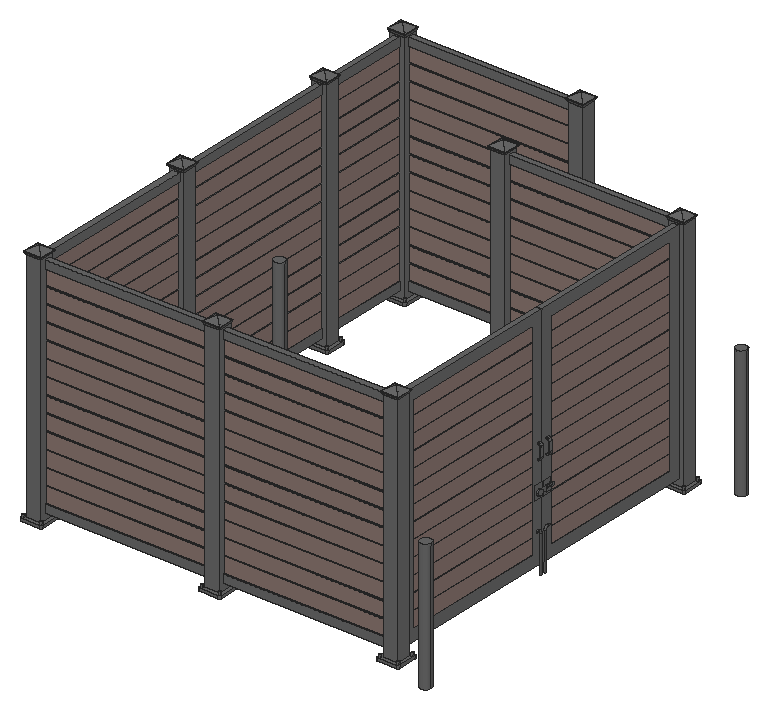
Revit family "Enclosure_System-CityScapes-Covrit-1111_W", category Specialty Equipment, Revit 2021
Family settings
  Round Connector Dimension = Use Diameter
  Part Type = Normal
  Work Plane-Based = No
  Always vertical = Yes
  Cut with Voids When Loaded = No
  Shared = No
  Room Calculation Point = No
Parameters (values of type "7' Height")
  Width = 11' - 0"  # constant formula
  URL = "https://cityscapesinc.com/"
  Square Posts Material [instance] = Aluminum - CityScapes - Electric Black
  Specification = "https://www.arcat.com/company/cityscapes-international-inc-40042/spec"
  Round Posts Material [instance] = Aluminum - CityScapes - Electric Black
  Product Page URL = "https://www.arcat.com/arcatcos/cos40/arc40042.html"
  Post Height = Square_Post-Covrit-CityScapes : Square Post 7'
  Panel Material [instance] = PVC Board - CityScapes - Plankwall - Sequoia
  Model = "Covrit 1111 W"
  Manufacturer = "CityScapes"  # constant formula
  Length = 13' - 9"  # constant formula
  Keynote = "32 35 00 "
  Height = 7' - 0"
  Frame Material [instance] = Aluminum - CityScapes - Electric Black
  Description = "Dumpster Enclosures, Single Walk-In"
  Default Elevation = 0' - 0"
  Copyright = "© 2023 ARCAT"  # constant formula
  CAD Details = "https://www.arcat.com/company/cityscapes-international-inc-40042/cad"
Types (3): name | Post Height | Height
  6' Height | Square_Post-Covrit-CityScapes : Square Post 6' | 6' - 0"
  7' Height | Square_Post-Covrit-CityScapes : Square Post 7' | 7' - 0"
  8' Height | Square_Post-Covrit-CityScapes : Square Post 8' | 8' - 0"
Reference planes (in)
  plane 1 "Center (Front/Back)": y = 0
  plane 2: z = 0
  plane 3 "Center (Left/Right)": x = 0
  plane 4: x = 66
  plane 5: x = -66
  plane 6: y = -82.5
  plane 7: z = 87.5
  plane 8: z = 3.5
Forms (in)
  Extrusion 1, solid, material "Aluminum - CityScapes - Electric Black" <- "Round Posts Material"
    sketch origin (0, 0, 0) x (1, 0, 0) y (0, 1, 0)
      loop
        circle (82.5, -89.5) r 2
      loop
        circle (82.5, 56.33859) r 2
      loop
        circle (-53.99898, -46.5) r 2
      loop
        circle (-54, 13.46509) r 2
    from 0 to 48
  Sweep 2, solid, material "Aluminum - CityScapes - Electric Black"
    path origin (-8.47973, -16.53543, 0) x (0, 1, 0) y (0, 0, 1)
      loop
        line (-1, 0) -> (-1, 14)
        arc (-1, 14) -> (-1.29289, 14.70711) -> (-2, 15) r 1
        line (-2, 15) -> (-2.75, 15)
    profile origin (-8.47973, -17.53543, 7) x (0, -1, 0) y (1, 0, 0)
      loop
        circle (0, 75.75) r 0.30152
  Sweep 3, solid, material "Aluminum - CityScapes - Electric Black"
    path origin (-8.5, 0, 0) x (1, 0, 0) y (0, 0, 1)
      loop
        line (75.46875, 38.76865) -> (75.96875, 38.76865)
        arc (75.96875, 38.76865) -> (76.67586, 39.06154) -> (76.96875, 39.76865) r 1
        line (76.96875, 39.76865) -> (76.96875, 43.26865)
        arc (76.96875, 43.26865) -> (76.67586, 43.97576) -> (75.96875, 44.26865) r 1
        line (75.96875, 44.26865) -> (75.46875, 44.26865)
    profile origin (68.46875, 0, 41.51865) x (-1, 0, 0) y (0, -1, 0)
      loop
        line (-0.125, 14) -> (0.125, 14) -> (0.125, 15) -> (-0.125, 15) -> (-0.125, 14)
      loop
        line (-0.125, 19) -> (-0.125, 18) -> (0.125, 18) -> (0.125, 19) -> (-0.125, 19)
  Sweep 4, solid, material "Aluminum - CityScapes - Electric Black"
    path origin (-8.47973, -16.46457, 0) x (0, -1, 0) y (0, 0, -1)
      loop
        line (-1, 0) -> (-1, -14)
        arc (-1, -14) -> (-1.29289, -14.70711) -> (-2, -15) r 1
        line (-2, -15) -> (-2.75, -15)
    profile origin (-8.47973, -15.46457, 7) x (0, -1, 0) y (1, 0, 0)
      loop
        circle (0, 75.75) r 0.30152
Lines and regions (in)
  symbolic lines
    curve 1: line (66, 46.86985, 0) -> (129.29743, 46.86985, 0)
    curve 2: arc (65.92469, -16.50289, 0) -> (110.73598, 2.05856, 0) -> (129.29743, 46.86985, 0) r 63.37274
    curve 3: line (66, -79.99483, 0) -> (130.26771, -79.99483, 0)
    curve 4: arc (66.77288, -16.5, 0) -> (111.6705, -35.0972, 0) -> (130.26771, -79.99483, 0) r 63.49483
Dimensions and locks (in)
  "Height": plane 7 to plane 8
  plane 7 to plane 2 = 7' - 3 1/2"
  nested 9 to level = 0' - 3 1/2"
  nested 8 to nested 8 = 0' - 3 1/8"
  locked: plane 8 to plane 2 at 3.5
  nested 4 to nested 5 to nested 2 = 5' - 6", 5' - 6"
  nested 4 to nested 2 = 11' - 0"
  nested 4 to nested 6 to nested 14 to nested 1 = 5' - 6", 5' - 6", 3' - 0"
  nested 4 to nested 1 = 14' - 0"
  nested 2 to nested 13 to nested 16 = 5' - 3.49483", 5' - 3.36985"
  nested 15 to nested 7 = 3' - 0"
  nested 1 to nested 7 to nested 16 = 5' - 6", 5' - 6"
  nested 1 to nested 16 = 11' - 0"
  aligned and locked: plane 2 to level
  aligned and locked: nested 2 to plane 6
  aligned and locked: nested 2 to plane 4
  aligned and locked: plane 5 to nested 1
  aligned and locked: nested 4 to plane 6
  aligned and locked: nested 5 to plane 3 "Center (Left/Right)"
  aligned and locked: nested 5 to plane 6
  aligned and locked: Extrusion 1 to plane 2
  aligned and locked: nested 2 to plane 2
  aligned and locked: plane 2 to nested 2
  aligned and locked: nested 5 to plane 2
  aligned and locked: nested 7 to plane 2
  aligned and locked: plane 2 to nested 5
  aligned and locked: nested 8 to plane 6
  aligned and locked: nested 9 to plane 6
  aligned and locked: plane 4 to nested 12
  aligned and locked: nested 13 to plane 4
  aligned and locked: curve 3 to nested 2
  aligned and locked: nested 16 to curve 1
Automatic sketch dimensions
  plane 5 to Extrusion 1 sketch curve = 1' - 0"
  plane 5 to Extrusion 1 sketch curve = 1' - 0.00102"
  Extrusion 1 sketch curve to plane 6 = 0' - 7"
  plane 4 to Extrusion 1 sketch curve = 1' - 4 1/2"  (x2)
  Extrusion 1 sketch curve to plane 1 "Center (Front/Back)" = 1' - 1.46509"
  Extrusion 1 sketch curve to Extrusion 1 sketch curve = 0' - 2"  (x4)
  Sweep 2 sketch curve to level = 0' - 0"
  plane 1 "Center (Front/Back)" to Sweep 2 sketch curve = 1' - 6.53543"
  Sweep 2 sketch curve to Sweep 2 sketch curve = 0' - 1"
  level to Sweep 2 sketch curve = 1' - 2"
  Sweep 2 sketch curve to Sweep 2 sketch curve = 0' - 0 3/4"
  Sweep 2 sketch curve to profile plane = 0' - 0"
  profile plane to Sweep 2 sketch curve = 6' - 3 3/4"
  Sweep 4 sketch curve to level = 0' - 0"
  plane 1 "Center (Front/Back)" to Sweep 4 sketch curve = 1' - 2.46457"
  Sweep 4 sketch curve to Sweep 4 sketch curve = 0' - 1"
  level to Sweep 4 sketch curve = 1' - 2"
  Sweep 4 sketch curve to Sweep 4 sketch curve = 0' - 0 3/4"
  Sweep 4 sketch curve to profile plane = 0' - 0"
  profile plane to Sweep 4 sketch curve = 6' - 3 3/4"
  Sweep 3 sketch curve to Sweep 3 sketch curve = 0' - 1"  (x4)
  level to Sweep 3 sketch curve = 3' - 2.76865"
  Sweep 3 sketch curve to Sweep 3 sketch curve = 0' - 3 1/2"
  Sweep 3 sketch curve to Sweep 3 sketch curve = 0' - 0 1/2"  (x2)
  profile plane to Sweep 3 sketch curve = 0' - 0 1/8"  (x2)
  Sweep 3 sketch curve to profile plane = 0' - 0 1/8"  (x2)
  plane 1 "Center (Front/Back)" to Sweep 3 sketch curve = 1' - 2"
  plane 1 "Center (Front/Back)" to Sweep 3 sketch curve = 1' - 6"
  plane 6 to Extrusion 1 sketch curve = 3' - 0"
  plane 4 to Sweep 3 sketch curve = 0' - 1 15/32"
  curve 3 to plane 4 = 0' - 0"
  curve 1 to plane 4 = 0' - 0"
  curve 2 to plane 4 = 0' - 0.07531"
  curve 3 to curve 4 = 0' - 0.77288"
  curve 1 to curve 1 = 5' - 3.29743"
  curve 4 to curve 3 = 5' - 3.49483"
  Extrusion 1 sketch curve to Extrusion 1 sketch curve = 0' - 0"
  Extrusion 1 sketch curve to plane 1 "Center (Front/Back)" = 4' - 8.33859"
  radius of Sweep 2 sketch curve = 0' - 0.30152"
  radius of Sweep 4 sketch curve = 0' - 0.30152"
Nested families (in)
  nested 1: "Square_Post-Covrit-CityScapes" at (-66, 85.5, 0), type <- "Post Height", type "Square Post 7'"
  nested 2: "Square_Post-Covrit-CityScapes" at (66, -82.5, 0), type <- "Post Height", type "Square Post 7'"
  nested 3: "Panel-Covrit-CityScapes" at (-32.99929, 84.46875, 3.5) x (0, 1, 0) z (0, 0, 1), FRAME MATERIAL <- "Frame Material", MATERIAL <- "Panel Material", type "Panel"
    with Panel_Length 5' - 0 189/256", MATERIAL PVC Board - CityScapes - Plankwall - Sequoia, FRAME MATERIAL Aluminum - CityScapes - Electric Black, Planks Qunatity Aux 13, Planks Quantity 14, Panel_Height 7' - 0", Gap Between Planks 0' - 6 1/2"
  nested 4: "Square_Post-Covrit-CityScapes" at (-66, -82.5, 0), type <- "Post Height", type "Square Post 7'"
  nested 5: "Square_Post-Covrit-CityScapes" at (0, -82.5, 0), type <- "Post Height", type "Square Post 7'"
  nested 6: "Square_Post-Covrit-CityScapes" at (-66, -16.5, 0), type <- "Post Height", type "Square Post 7'"
  nested 7: "Square_Post-Covrit-CityScapes" at (0, 85.5, 0), type <- "Post Height", type "Square Post 7'"
  nested 8: "Panel-Covrit-CityScapes" at (-33, -81.46875, 3.5) x (0, -1, 0) z (0, 0, 1), FRAME MATERIAL <- "Frame Material", MATERIAL <- "Panel Material", type "Panel"
    with Panel_Length 5' - 0.73687", MATERIAL PVC Board - CityScapes - Plankwall - Sequoia, FRAME MATERIAL Aluminum - CityScapes - Electric Black, Planks Qunatity Aux 13, Planks Quantity 14, Panel_Height 7' - 0", Gap Between Planks 0' - 6 1/2"
  nested 9: "Panel-Covrit-CityScapes" at (33, -81.46875, 3.5) x (0, -1, 0) z (0, 0, 1), FRAME MATERIAL <- "Frame Material", MATERIAL <- "Panel Material", type "Panel"
    with Panel_Length 5' - 0.73687", MATERIAL PVC Board - CityScapes - Plankwall - Sequoia, FRAME MATERIAL Aluminum - CityScapes - Electric Black, Planks Qunatity Aux 13, Planks Quantity 14, Panel_Height 7' - 0", Gap Between Planks 0' - 6 1/2"
  nested 10: "Panel-Covrit-CityScapes" at (-64.96875, -49.56249, 3.5) x (-1, 0, 0) z (0, 0, 1), FRAME MATERIAL <- "Frame Material", MATERIAL <- "Panel Material", type "Panel"
    with Panel_Length 5' - 0.86468", MATERIAL PVC Board - CityScapes - Plankwall - Sequoia, FRAME MATERIAL Aluminum - CityScapes - Electric Black, Planks Qunatity Aux 13, Planks Quantity 14, Panel_Height 7' - 0", Gap Between Planks 0' - 6 1/2"
  nested 11: "Panel-Covrit-CityScapes" at (-64.96875, 16.43751, 3.5) x (-1, 0, 0) z (0, 0, 1), FRAME MATERIAL <- "Frame Material", MATERIAL <- "Panel Material", type "Panel"
    with Panel_Length 5' - 0.86468", MATERIAL PVC Board - CityScapes - Plankwall - Sequoia, FRAME MATERIAL Aluminum - CityScapes - Electric Black, Planks Qunatity Aux 13, Planks Quantity 14, Panel_Height 7' - 0", Gap Between Planks 0' - 6 1/2"
  nested 12: "Gate-Panel-CityScapes" at (64.96875, 15.18635, 3.5), FRAME MATERIAL <- "Frame Material", MATERIAL <- "Panel Material", type "Gate Panel"
    with Planks Length 4' - 7.37269", Panel_Length 5' - 3.37269", MATERIAL PVC Board - CityScapes - Plankwall - Sequoia, FRAME MATERIAL Aluminum - CityScapes - Electric Black
  nested 13: "Gate-Panel-CityScapes" at (64.96875, -48.25, 3.5), FRAME MATERIAL <- "Frame Material", MATERIAL <- "Panel Material", type "Gate Panel"
    with Planks Length 4' - 7 1/2", Panel_Length 5' - 3 1/2", MATERIAL PVC Board - CityScapes - Plankwall - Sequoia, FRAME MATERIAL Aluminum - CityScapes - Electric Black
  nested 14: "Square_Post-Covrit-CityScapes" at (-66, 49.5, 0), type <- "Post Height", type "Square Post 7'"
  nested 15: "Square_Post-Covrit-CityScapes" at (0, 49.5, 0), type <- "Post Height", type "Square Post 7'"
  nested 16: "Square_Post-Covrit-CityScapes" at (66, 49.5, 0), type <- "Post Height", type "Square Post 7'"
  nested 17: "Panel-Covrit-CityScapes" at (32.99929, 48.46875, 3.5) x (0, 1, 0) z (0, 0, 1), FRAME MATERIAL <- "Frame Material", MATERIAL <- "Panel Material", type "Panel"
    with Panel_Length 5' - 0 189/256", MATERIAL PVC Board - CityScapes - Plankwall - Sequoia, FRAME MATERIAL Aluminum - CityScapes - Electric Black, Planks Qunatity Aux 13, Planks Quantity 14, Panel_Height 7' - 0", Gap Between Planks 0' - 6 1/2"
  nested 18: "Panel-Covrit-CityScapes" at (-64.96875, 67.43893, 3.5) x (-1, 0, 0) z (0, 0, 1), FRAME MATERIAL <- "Frame Material", MATERIAL <- "Panel Material", type "Panel"
    with Panel_Length 2' - 6.86752", MATERIAL PVC Board - CityScapes - Plankwall - Sequoia, FRAME MATERIAL Aluminum - CityScapes - Electric Black, Planks Qunatity Aux 13, Planks Quantity 14, Panel_Height 7' - 0", Gap Between Planks 0' - 6 1/2"
  nested 19: "Gate-CityScapes-Modern_Latch" at (66, -16.5, 27.875) x (0, 1, 0) z (0, 0, 1), type "Latch"
Definition of nested family "Square_Post-Covrit-CityScapes"
  Parameters (values of type "Square Post 7'")
    TPost_Height = 7' - 4"
    Post_DIM = 0' - 8.2682"
    Post Material = none
    Default Elevation = 0' - 0"
  Types (3): name | TPost_Height | Post_DIM
    Square Post 6' | 6' - 4" | 0' - 8.26536"
    Square Post 7' | 7' - 4" | 0' - 8.2682"
    Square Post 8' | 8' - 4" | 0' - 8.2682"
  Reference planes (in)
    plane 1 "Center (Front/Back)": y = 0
    plane 2: z = 0
    plane 3 "Center (Left/Right)": x = 0
    plane 4: x = 4.1341
    plane 5: y = 4.1341
    plane 6: y = -4.1341
    plane 7: x = -4.1341
    plane 8: z = 88
  Forms (in)
    Extrusion 1, solid, material <- "Post Material"
      sketch origin (0, 0, 0) x (1, 0, 0) y (0, 1, 0)
        loop
          line (2.63157, 2.50517) -> (-2.63157, 2.50517) -> (-2.63157, -2.63015) -> (2.63157, -2.63015) -> (2.63157, 2.50517)
      from 0 to 88
    Sweep 2, solid, material <- "Post Material"
      path in 3D
        loop
          line (-2.63157, 2.50517, 88) -> (-2.63157, -2.63015, 88) -> (2.63157, -2.63015, 88) -> (2.63157, 2.50517, 88) -> (-2.63157, 2.50517, 88)
      profile origin (0, 2.50517, 88) x (0, -1, 0) y (0, 0, 1)
        loop
          line (0, 0) -> (0, 0.0625) -> (-0.5, 0.92853) -> (-0.5, 1.1985) -> (2.50517, 2.93353) -> (2.50517, 2.96962) -> (-0.53125, 1.21654) -> (-0.53125, 0.92015) -> (0, 0)
    Extrusion 3, solid, material <- "Post Material"
      sketch origin (0, 0, 0) x (1, 0, 0) y (0, 1, 0)
        loop
          line (4.1341, -3.43396) -> (4.1341, 3.43396)
          arc (4.1341, 3.43396) -> (3.92903, 3.92903) -> (3.43396, 4.1341) r 0.70014
          line (3.43396, 4.1341) -> (-3.43396, 4.1341)
          arc (-3.43396, 4.1341) -> (-3.92903, 3.92903) -> (-4.1341, 3.43396) r 0.70014
          line (-4.1341, 3.43396) -> (-4.1341, -3.43396)
          arc (-4.1341, -3.43396) -> (-3.92903, -3.92903) -> (-3.43396, -4.1341) r 0.70014
          line (-3.43396, -4.1341) -> (3.43396, -4.1341)
          arc (3.43396, -4.1341) -> (3.92903, -3.92903) -> (4.1341, -3.43396) r 0.70014
      from 0 to 1
    Extrusion 4, solid, material <- "Post Material"
      sketch origin (0, 0, 0) x (1, 0, 0) y (0, 1, 0)
        loop
          circle (-3.38236, 3.27648) r 0.32836
        loop
          circle (3.29243, 3.27648) r 0.32836
        loop
          circle (3.29243, -3.27648) r 0.32836
        loop
          circle (-3.38236, -3.27648) r 0.32836
      from 0 to 2
  Cuts and joins
    joined: Extrusion 1, Sweep 2, Extrusion 3, Extrusion 4
  Lines and regions (in)
    sketch lines
      curve 1: line (2.63157, 2.50517, 88) -> (-2.63157, 2.50517, 88)
      curve 2: line (2.63157, -2.63015, 88) -> (2.63157, 2.50517, 88)
      curve 3: line (-2.63157, -2.63015, 88) -> (2.63157, -2.63015, 88)
      curve 4: line (-2.63157, 2.50517, 88) -> (-2.63157, -2.63015, 88)
  Dimensions and locks (in)
    "Post_DIM": plane 5 to plane 6
    "Post_DIM": plane 7 to plane 4
    "TPost_Height": plane 8 to plane 2
    equal spacing: cut or joined group of Extrusion 1, Sweep 2, Extrusion 3, Extrusion 4, plane 3 "Center (Left/Right)", cut or joined group of Extrusion 1, Sweep 2, Extrusion 3, Extrusion 4
    equal spacing: plane 7, plane 3 "Center (Left/Right)", plane 4
    aligned and locked: plane 2 to level
    aligned and locked: plane 8 to Extrusion 1
    aligned and locked: Extrusion 1 to plane 2
    aligned and locked: Sweep 2 sketch curve to profile plane
    aligned and locked: cut or joined group of Extrusion 1, Sweep 2, Extrusion 3, Extrusion 4 to plane 7
    aligned and locked: plane 4 to cut or joined group of Extrusion 1, Sweep 2, Extrusion 3, Extrusion 4
  Automatic sketch dimensions
    Extrusion 3 sketch curve to plane 6 = 0' - 0"
    Extrusion 3 sketch curve to plane 5 = 0' - 0"
    Extrusion 3 sketch curve to plane 4 = 0' - 0"
    Extrusion 3 sketch curve to plane 4 = 0' - 0.70014"  (x2)
    plane 7 to Extrusion 3 sketch curve = 0' - 0.70014"  (x2)
    plane 7 to Extrusion 3 sketch curve = 0' - 0"
    plane 7 to Extrusion 4 sketch curve = 0' - 0.75175"  (x2)
    Extrusion 4 sketch curve to plane 5 = 0' - 0.85762"  (x2)
    Extrusion 4 sketch curve to Extrusion 4 sketch curve = 0' - 0.32836"  (x4)
    Extrusion 4 sketch curve to plane 4 = 0' - 0.84167"  (x2)
    plane 6 to Extrusion 4 sketch curve = 0' - 0.85762"  (x2)
    Extrusion 4 sketch curve to Extrusion 4 sketch curve = 0' - 0"  (x2)
    plane 7 to Extrusion 1 sketch curve = 0' - 1.50253"
    plane 6 to Extrusion 1 sketch curve = 0' - 1.50395"
    Extrusion 1 sketch curve to plane 4 = 0' - 1.50253"
    Extrusion 1 sketch curve to plane 5 = 0' - 1.62893"
    Sweep 2 sketch curve to profile plane = 0' - 0"
    profile plane to Sweep 2 sketch curve = 0' - 0 1/2"
    Sweep 2 sketch curve to Sweep 2 sketch curve = 0' - 0 1/32"
    profile plane to Sweep 2 sketch curve = 0' - 0 1/16"
    profile plane to Sweep 2 sketch curve = 0' - 0.92015"
    Sweep 2 sketch curve to Sweep 2 sketch curve = 0' - 0.00837"
    Sweep 2 sketch curve to Sweep 2 sketch curve = 0' - 0.26997"
    Sweep 2 sketch curve to Sweep 2 sketch curve = 0' - 0.01804"
    Sweep 2 sketch curve to profile plane = 0' - 2.50517"
    Sweep 2 sketch curve to Sweep 2 sketch curve = 0' - 1.73504"
    Sweep 2 sketch curve to Sweep 2 sketch curve = 0' - 0.03608"
Definition of nested family "Panel-Covrit-CityScapes"
  Parameters (values of type "Covrit Panel")
    Planks Qunatity Aux = (Panel_Height - (0' 3 1/8" * 2) - Gap Between Planks) / 0' 5 1/2"  # 15
    Planks Quantity = (Panel_Height - (0' 3 1/8" * 2)) / 0' 5 1/2"  # 16
    Trim_Depth = 0' - 0 23/32"
    SOLID PANEL DEPTH = 0' - 1"
    Profile_Height = 0' - 5 1/2"  # constant formula
    Panel_Length [instance] = 6' - 0"
    Panel_Height = 8' - 0"
    MATERIAL [instance] = none
    Gap Between Planks = (Planks Quantity - 1) * 0' 0 1/2"  # 0' - 7 1/2"
    FRAME WIDTH = 0' - 3 1/8"  # constant formula
    FRAME MATERIAL [instance] = none
    FRAME DEPTH = 0' - 2"  # constant formula
    Description = ""
    Default Elevation = 0' - 0"
  Reference planes (in)
    plane 1 "Center (Front/Back)": y = 0
    plane 2: z = 0
    plane 3 "Center (Left/Right)": x = 0
    plane 4 "FrameLeft": y = 36
    plane 5 "FrameRight": y = -36
    plane 6 "top": z = 96
    plane 7 "framebottom": z = 92.875
    plane 8: z = 3.125
    plane 9: z = 48
    plane 10: x = 1.03125
    plane 11: x = 2
  Forms (in)
    Extrusion 1, solid, material <- "FRAME MATERIAL"
      sketch origin (0, 0, 0) x (0, 1, 0) y (0, 0, 1)
        loop
          line (36, 0) -> (36, 3.125) -> (-36, 3.125) -> (-36, 0) -> (36, 0)
        loop
          line (36, 96) -> (-36, 96) -> (-36, 92.875) -> (36, 92.875) -> (36, 96)
      from 0 to 2
    Extrusion 2, solid
      sketch origin (0, 0, 0) x (1, 0, 0) y (0, 0, 1)
        loop
          line (1.09375, 3.125) -> (1.09375, 92.875) -> (0.96875, 92.875) -> (0.96875, 3.125) -> (1.09375, 3.125)
      from -36 to 36
  Text (in)
    text "EXTERIOR" at (58.92048, 7.19966, 0), in view "Ref. Level"
    text "EXTERIOR" at (58.92048, 7.19966, 0), in view "Ref. Level Copy 1"
    text "EXTERIOR" at (40.89755, 0, 33.52979), in view "Side"
  Dimensions and locks (in)
    "Panel_Length": plane 4 "FrameLeft" to plane 5 "FrameRight"
    equal spacing: plane 4 "FrameLeft", plane 1 "Center (Front/Back)", plane 5 "FrameRight"  (x2)
    "FRAME WIDTH": plane 6 "top" to plane 7 "framebottom"
    "FRAME WIDTH": plane 8 to plane 2
    plane 4 "FrameLeft" to plane 5 "FrameRight" = 6' - 0"  (x2)
    equal spacing: plane 6 "top", plane 9, plane 2
    "Panel_Height": plane 6 "top" to plane 2
    plane 6 "top" to plane 2 = 8' - 0"
    equal spacing: group 1, group 3, group 4, group 5, group 6, group 7, group 8, group 9, group 10, group 11, group 12, group 13, group 14, group 15, group 2  (x3)
    "FRAME DEPTH": plane 11 to plane 3 "Center (Left/Right)"
    Extrusion 2 sketch curve to plane 10 to Extrusion 2 sketch curve = 0' - 0 1/16" locked, 0' - 0 1/16" locked
    aligned and locked: plane 2 to level
    aligned and locked: plane 4 "FrameLeft" to Extrusion 1 sketch curve
    aligned and locked: plane 6 "top" to Extrusion 1 sketch curve
    aligned and locked: plane 5 "FrameRight" to Extrusion 1 sketch curve
    aligned and locked: plane 2 to Extrusion 1 sketch curve
    aligned and locked: plane 7 "framebottom" to Extrusion 1 sketch curve
    aligned and locked: Extrusion 1 sketch curve to plane 8
    aligned and locked: Extrusion 1 to plane 3 "Center (Left/Right)"
    aligned and locked: nested 1 to plane 4 "FrameLeft"
    aligned and locked: nested 1 to plane 8
    aligned and locked: plane 10 to nested 1
    aligned and locked: plane 7 "framebottom" to nested 2
    aligned and locked: plane 10 to nested 2
    aligned and locked: plane 11 to Extrusion 1
    aligned and locked: plane 8 to Extrusion 2 sketch curve
    aligned and locked: Extrusion 2 sketch curve to plane 7 "framebottom"
    aligned and locked: plane 4 "FrameLeft" to Extrusion 2
    aligned and locked: Extrusion 2 to plane 5 "FrameRight"
  Automatic sketch dimensions
    Extrusion 1 sketch curve to plane 5 "FrameRight" = 0' - 0"
    Extrusion 1 sketch curve to plane 4 "FrameLeft" = 0' - 0"
  Nested families (in)
    nested 1: "PANEL TRIM" at (1.03125, 0, 3.125), MATERIAL <- "MATERIAL", type "PANEL TRIM"
      with Profile_Length 6' - 0", Profile_Height 0' - 5 1/2"
    nested 2: "PANEL TRIM" at (1.03125, 0, 87.375), MATERIAL <- "MATERIAL", type "PANEL TRIM"
      with Profile_Length 6' - 0", Profile_Height 0' - 5 1/2"
    nested 3: "PANEL TRIM" at (1.03125, 0, 9.14286), MATERIAL <- "MATERIAL", type "PANEL TRIM"
      with Profile_Length 6' - 0", Profile_Height 0' - 5 1/2"
    nested 4: "PANEL TRIM" at (1.03125, 0, 15.16071), MATERIAL <- "MATERIAL", type "PANEL TRIM"
      with Profile_Length 6' - 0", Profile_Height 0' - 5 1/2"
    nested 5: "PANEL TRIM" at (1.03125, 0, 21.17857), MATERIAL <- "MATERIAL", type "PANEL TRIM"
      with Profile_Length 6' - 0", Profile_Height 0' - 5 1/2"
    nested 6: "PANEL TRIM" at (1.03125, 0, 27.19643), MATERIAL <- "MATERIAL", type "PANEL TRIM"
      with Profile_Length 6' - 0", Profile_Height 0' - 5 1/2"
    nested 7: "PANEL TRIM" at (1.03125, 0, 33.21429), MATERIAL <- "MATERIAL", type "PANEL TRIM"
      with Profile_Length 6' - 0", Profile_Height 0' - 5 1/2"
    nested 8: "PANEL TRIM" at (1.03125, 0, 39.23214), MATERIAL <- "MATERIAL", type "PANEL TRIM"
      with Profile_Length 6' - 0", Profile_Height 0' - 5 1/2"
    nested 9: "PANEL TRIM" at (1.03125, 0, 45.25), MATERIAL <- "MATERIAL", type "PANEL TRIM"
      with Profile_Length 6' - 0", Profile_Height 0' - 5 1/2"
    nested 10: "PANEL TRIM" at (1.03125, 0, 51.26786), MATERIAL <- "MATERIAL", type "PANEL TRIM"
      with Profile_Length 6' - 0", Profile_Height 0' - 5 1/2"
    nested 11: "PANEL TRIM" at (1.03125, 0, 57.28571), MATERIAL <- "MATERIAL", type "PANEL TRIM"
      with Profile_Length 6' - 0", Profile_Height 0' - 5 1/2"
    nested 12: "PANEL TRIM" at (1.03125, 0, 63.30357), MATERIAL <- "MATERIAL", type "PANEL TRIM"
      with Profile_Length 6' - 0", Profile_Height 0' - 5 1/2"
    nested 13: "PANEL TRIM" at (1.03125, 0, 69.32143), MATERIAL <- "MATERIAL", type "PANEL TRIM"
      with Profile_Length 6' - 0", Profile_Height 0' - 5 1/2"
    nested 14: "PANEL TRIM" at (1.03125, 0, 75.33929), MATERIAL <- "MATERIAL", type "PANEL TRIM"
      with Profile_Length 6' - 0", Profile_Height 0' - 5 1/2"
    nested 15: "PANEL TRIM" at (1.03125, 0, 81.35714), MATERIAL <- "MATERIAL", type "PANEL TRIM"
      with Profile_Length 6' - 0", Profile_Height 0' - 5 1/2"
  Definition of nested family "PANEL TRIM"
    Parameters (values of type "PANEL TRIM")
      Profile_Length = 5' - 6"
      Profile_Height = 0' - 5"
      Profile_Depth = 0' - 0 23/32"
      MATERIAL [instance] = none
      Default Elevation = 0' - 0"
    Reference planes (in)
      plane 1 "Center (Front/Back)": y = 0
      plane 2: z = 0
      plane 3 "Center (Left/Right)": x = 0
      plane 4: z = 5
      plane 5: y = 33
      plane 6: y = -33
    Forms (in)
      Extrusion 1, solid, material <- "MATERIAL"
        sketch origin (-0.35938, 0, 0) x (1, 0, 0) y (0, 1, 0)
          loop
            line (-0.14062, 33) -> (-0.14062, -33) -> (0.85938, -33) -> (0.85938, 33) -> (-0.14062, 33)
        from 0 to 5
    Dimensions and locks (in)
      equal spacing: plane 6, plane 1 "Center (Front/Back)", plane 5
      "Profile_Length": plane 6 to plane 5
      "Profile_Height": plane 4 to plane 2
      aligned and locked: plane 2 to level
      aligned and locked: plane 5 to Extrusion 1 sketch curve
      aligned and locked: Extrusion 1 sketch curve to plane 6
      aligned and locked: plane 4 to Extrusion 1
      aligned and locked: Extrusion 1 to plane 2
    Automatic sketch dimensions
      Extrusion 1 sketch curve to plane 3 "Center (Left/Right)" = 0' - 0 1/2"
      plane 3 "Center (Left/Right)" to Extrusion 1 sketch curve = 0' - 0 1/2"
Definition of nested family "Gate-Panel-CityScapes"
  Parameters (values of type "Covrit Panel 1111 -  7'")
    Planks Qunatity Aux = (Panel_Height - (0' 4" * 2) - Gap Between Planks) / 0' 5 1/2"  # 13
    Planks Quantity = (Panel_Height - (0' 4" * 2)) / 0' 5 1/2"  # 14
    Trim_Depth = 0' - 0 23/32"
    SOLID PANEL DEPTH = 0' - 1"
    Profile_Height = 0' - 5 1/2"  # constant formula
    Planks Length [instance] = Panel_Length - (FRAME WIDTH * 2)  # 5' - 4"
    Panel_Length [instance] = 6' - 0"
    Panel_Height = 7' - 0"
    MATERIAL [instance] = none
    Gap Between Planks = (Planks Quantity - 1) * 0' 0 1/2"  # 0' - 6 1/2"
    FRAME WIDTH = 0' - 4"  # constant formula
    FRAME MATERIAL [instance] = none
    FRAME DEPTH = 0' - 2"  # constant formula
    Description = ""
    Default Elevation = 0' - 0"
  Types (3): name | Planks Qunatity Aux | Planks Quantity | Planks Length | Panel_Length | Panel_Height | Gap Between Planks
    Covrit Panel 1111 -  6' | 11 | 12 | 4' - 10" | 5' - 6" | 6' - 0" | 0' - 5 1/2"
    Covrit Panel 1111 -  7' | 13 | 14 | 5' - 4" | 6' - 0" | 7' - 0" | 0' - 6 1/2"
    Covrit Panel 1111 -  8' | 15 | 16 | 5' - 4" | 6' - 0" | 8' - 0" | 0' - 7 1/2"
  Reference planes (in)
    plane 1 "Center (Front/Back)": y = 0
    plane 2: z = 0
    plane 3 "Center (Left/Right)": x = 0
    plane 4 "FrameLeft": y = 36
    plane 5 "FrameRight": y = -36
    plane 6 "top": z = 84
    plane 7 "framebottom": z = 80
    plane 8: z = 4
    plane 9: z = 42
    plane 10: x = 1.03125
    plane 11: x = 2
    plane 12: y = -32
    plane 13: y = 32
  Forms (in)
    Extrusion 1, solid, material <- "FRAME MATERIAL"
      sketch origin (0, 0, 0) x (0, 1, 0) y (0, 0, 1)
        loop
          line (36, 0) -> (36, 84) -> (-36, 84) -> (-36, 0) -> (36, 0)
        loop
          line (32, 80) -> (-32, 80) -> (-32, 4) -> (32, 4) -> (32, 80)
      from 0 to 2
    Extrusion 2, solid
      sketch origin (0, 0, 0) x (1, 0, 0) y (0, 0, 1)
        loop
          line (1.09375, 4) -> (1.09375, 80) -> (0.96875, 80) -> (0.96875, 4) -> (1.09375, 4)
      from -32 to 32
  Text (in)
    text "EXTERIOR" at (58.92048, 7.19966, 0), in view "Ref. Level"
    text "EXTERIOR" at (58.92048, 7.19966, 0), in view "Ref. Level Copy 1"
    text "EXTERIOR" at (40.89755, 0, 33.52979), in view "Side"
  Dimensions and locks (in)
    "Panel_Length": plane 4 "FrameLeft" to plane 5 "FrameRight"
    equal spacing: plane 4 "FrameLeft", plane 1 "Center (Front/Back)", plane 5 "FrameRight"  (x2)
    "FRAME WIDTH": plane 6 "top" to plane 7 "framebottom"
    "FRAME WIDTH": plane 8 to plane 2
    plane 4 "FrameLeft" to plane 5 "FrameRight" = 6' - 0"  (x2)
    equal spacing: plane 6 "top", plane 9, plane 2
    "Panel_Height": plane 6 "top" to plane 2
    plane 6 "top" to plane 2 = 7' - 0"
    equal spacing: group 1, group 3, group 4, group 5, group 6, group 7, group 8, group 9, group 10, group 11, group 12, group 13, group 2  (x3)
    "FRAME DEPTH": plane 11 to plane 3 "Center (Left/Right)"
    Extrusion 2 sketch curve to plane 10 to Extrusion 2 sketch curve = 0' - 0 1/16" locked, 0' - 0 1/16" locked
    "FRAME WIDTH": plane 5 "FrameRight" to Extrusion 1 sketch curve
    "FRAME WIDTH": Extrusion 1 sketch curve to plane 4 "FrameLeft"
    "FRAME WIDTH": plane 5 "FrameRight" to plane 12
    "FRAME WIDTH": plane 13 to plane 4 "FrameLeft"
    aligned and locked: plane 2 to level
    aligned and locked: plane 4 "FrameLeft" to Extrusion 1 sketch curve
    aligned and locked: plane 6 "top" to Extrusion 1 sketch curve
    aligned and locked: plane 5 "FrameRight" to Extrusion 1 sketch curve
    aligned and locked: plane 2 to Extrusion 1 sketch curve
    aligned and locked: plane 7 "framebottom" to Extrusion 1 sketch curve
    aligned and locked: plane 8 to Extrusion 1 sketch curve
    aligned and locked: Extrusion 1 to plane 3 "Center (Left/Right)"
    aligned and locked: nested 1 to plane 8
    aligned and locked: plane 10 to nested 1
    aligned and locked: plane 7 "framebottom" to nested 2
    aligned and locked: plane 10 to nested 2
    aligned and locked: plane 11 to Extrusion 1
    aligned and locked: plane 8 to Extrusion 2 sketch curve
    aligned and locked: Extrusion 2 sketch curve to plane 7 "framebottom"
    aligned and locked: plane 1 "Center (Front/Back)" to nested 1
    aligned and locked: plane 13 to Extrusion 2
    aligned and locked: plane 12 to Extrusion 2
  Nested families (in)
    nested 1: "PANEL TRIM" at (1.03125, 0, 4), MATERIAL <- "MATERIAL", type "PANEL TRIM"
      with Profile_Length 5' - 4", Profile_Height 0' - 5 1/2"
    nested 2: "PANEL TRIM" at (1.03125, 0, 74.5), MATERIAL <- "MATERIAL", type "PANEL TRIM"
      with Profile_Length 5' - 4", Profile_Height 0' - 5 1/2"
    nested 3: "PANEL TRIM" at (1.03125, 0, 9.875), MATERIAL <- "MATERIAL", type "PANEL TRIM"
      with Profile_Length 5' - 4", Profile_Height 0' - 5 1/2"
    nested 4: "PANEL TRIM" at (1.03125, 0, 15.75), MATERIAL <- "MATERIAL", type "PANEL TRIM"
      with Profile_Length 5' - 4", Profile_Height 0' - 5 1/2"
    nested 5: "PANEL TRIM" at (1.03125, 0, 21.625), MATERIAL <- "MATERIAL", type "PANEL TRIM"
      with Profile_Length 5' - 4", Profile_Height 0' - 5 1/2"
    nested 6: "PANEL TRIM" at (1.03125, 0, 27.5), MATERIAL <- "MATERIAL", type "PANEL TRIM"
      with Profile_Length 5' - 4", Profile_Height 0' - 5 1/2"
    nested 7: "PANEL TRIM" at (1.03125, 0, 33.375), MATERIAL <- "MATERIAL", type "PANEL TRIM"
      with Profile_Length 5' - 4", Profile_Height 0' - 5 1/2"
    nested 8: "PANEL TRIM" at (1.03125, 0, 39.25), MATERIAL <- "MATERIAL", type "PANEL TRIM"
      with Profile_Length 5' - 4", Profile_Height 0' - 5 1/2"
    nested 9: "PANEL TRIM" at (1.03125, 0, 45.125), MATERIAL <- "MATERIAL", type "PANEL TRIM"
      with Profile_Length 5' - 4", Profile_Height 0' - 5 1/2"
    nested 10: "PANEL TRIM" at (1.03125, 0, 51), MATERIAL <- "MATERIAL", type "PANEL TRIM"
      with Profile_Length 5' - 4", Profile_Height 0' - 5 1/2"
    nested 11: "PANEL TRIM" at (1.03125, 0, 56.875), MATERIAL <- "MATERIAL", type "PANEL TRIM"
      with Profile_Length 5' - 4", Profile_Height 0' - 5 1/2"
    nested 12: "PANEL TRIM" at (1.03125, 0, 62.75), MATERIAL <- "MATERIAL", type "PANEL TRIM"
      with Profile_Length 5' - 4", Profile_Height 0' - 5 1/2"
    nested 13: "PANEL TRIM" at (1.03125, 0, 68.625), MATERIAL <- "MATERIAL", type "PANEL TRIM"
      with Profile_Length 5' - 4", Profile_Height 0' - 5 1/2"
  Definition of nested family "PANEL TRIM"
    Parameters (values of type "PANEL TRIM")
      Profile_Length = 5' - 6"
      Profile_Height = 0' - 5"
      Profile_Depth = 0' - 0 23/32"
      MATERIAL [instance] = none
      Default Elevation = 0' - 0"
    Reference planes (in)
      plane 1 "Center (Front/Back)": y = 0
      plane 2: z = 0
      plane 3 "Center (Left/Right)": x = 0
      plane 4: z = 5
      plane 5: y = 33
      plane 6: y = -33
    Forms (in)
      Extrusion 1, solid, material <- "MATERIAL"
        sketch origin (-0.35938, 0, 0) x (1, 0, 0) y (0, 1, 0)
          loop
            line (-0.14062, 33) -> (-0.14062, -33) -> (0.85938, -33) -> (0.85938, 33) -> (-0.14062, 33)
        from 0 to 5
    Dimensions and locks (in)
      equal spacing: plane 6, plane 1 "Center (Front/Back)", plane 5
      "Profile_Length": plane 6 to plane 5
      "Profile_Height": plane 4 to plane 2
      aligned and locked: plane 2 to level
      aligned and locked: plane 5 to Extrusion 1 sketch curve
      aligned and locked: Extrusion 1 sketch curve to plane 6
      aligned and locked: plane 4 to Extrusion 1
      aligned and locked: Extrusion 1 to plane 2
    Automatic sketch dimensions
      Extrusion 1 sketch curve to plane 3 "Center (Left/Right)" = 0' - 0 1/2"
      plane 3 "Center (Left/Right)" to Extrusion 1 sketch curve = 0' - 0 1/2"
Definition of nested family "Gate-CityScapes-Modern_Latch"
  Parameters (values of type "Latch")
    URL = ""
    Product Page URL = ""
    Model = ""
    Manufacturer = "CityScapes"  # constant formula
    Keynote = ""
    Description = ""
    Default Elevation = 0' - 0"
    Copyright = "© 2023 ARCAT"  # constant formula
    CAD Details = ""
  Reference planes (in)
    plane 1 "Center (Front/Back)": y = 0
    plane 2: z = 0
    plane 3 "Center (Left/Right)": x = 0
    plane 4: y = -0.96875
  Forms (in)
    Extrusion 1, solid
      sketch origin (0, 0, 0) x (1, 0, 0) y (0, 0, 1)
        loop
          line (-3.5, 2.5) -> (-3.5, -2.5) -> (-0.5, -2.5) -> (-0.5, 2.5) -> (-3.5, 2.5)
        loop
          line (3.5, 2.5) -> (0.5, 2.5) -> (0.5, -2.5) -> (3.5, -2.5) -> (3.5, 2.5)
      from 0.96875 to 1.21875
    Extrusion 2, solid
      sketch origin (0, 0, 0) x (1, 0, 0) y (0, 0, 1)
        loop
          arc (-2, 0.75) -> (-2.75, 0) -> (-2, -0.75) r 0.75
          line (-2, -0.75) -> (4, -0.75)
          arc (4, -0.75) -> (4.75, 0) -> (4, 0.75) r 0.75
          line (4, 0.75) -> (-2, 0.75)
      from 1.34375 to 1.59375
    Extrusion 3, solid
      sketch origin (0, 0, 0) x (1, 0, 0) y (0, 0, 1)
        loop
          circle (-2, 0) r 1
      from 1.59375 to 2.09375
    Extrusion 4, solid
      sketch origin (0, 0, 0) x (0, 1, 0) y (0, 0, 1)
        loop
          line (-1.34375, 1) -> (-2.34375, 1) -> (-2.34375, 0.75) -> (-1.65625, 0.75) -> (-1.34375, 0.75) -> (-1.34375, 1)
        loop
          line (-1.21875, -0.75) -> (-1.71875, -0.75) -> (-1.71875, 0.6736) -> (-2.34375, 0.6736) -> (-2.34375, 0.4236) -> (-1.96732, 0.4236) -> (-1.96732, -1) -> (-1.21875, -1) -> (-1.21875, -0.75)
      from 1.00446 to 3.00446
  Cuts and joins
    joined: Extrusion 2, Extrusion 4
  Dimensions and locks (in)
    Extrusion 1 sketch curve to Extrusion 1 sketch curve to plane 3 "Center (Left/Right)" to Extrusion 1 sketch curve to Extrusion 1 sketch curve = 0' - 3" locked, 0' - 0 1/2" locked, 0' - 0 1/2" locked, 0' - 3" locked
    plane 4 to plane 1 "Center (Front/Back)" = 0' - 0 31/32"
    locked: Extrusion 1 to plane 4 at 0.25
    Extrusion 2 to Extrusion 2 to plane 4 = 0' - 0 1/4" locked, 0' - 0 3/8" locked
    locked: Extrusion 4 to Extrusion 4 at 2
    aligned and locked: plane 2 to level
    aligned and locked: Extrusion 1 to plane 4
